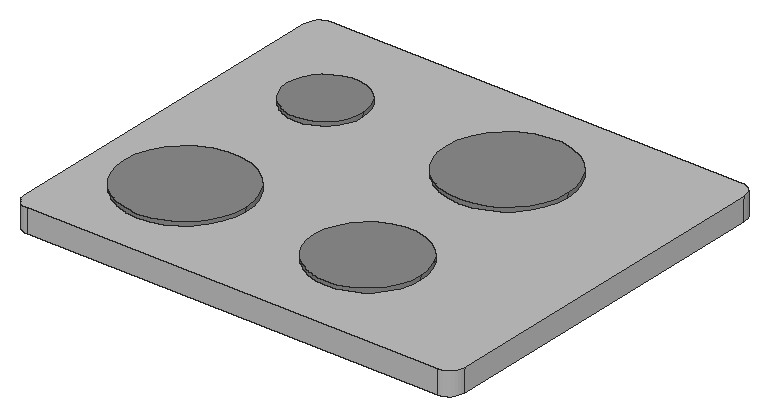
Revit family
Parameters
  Depth = 500 mm
  Hob Material = Metal - Stainless Steel
  Width = 580 mm
Reference planes
  plane 1 "Center (Front/Back)": y = 0
  plane 2: z = 0
  plane 3 "Center (Left/Right)": x = 0
  plane 4: y = 250
  plane 5: x = -265
  plane 6: y = -250
  plane 7: x = 315
  plane 8: x = -25
  plane 9: x = 215
  plane 10: x = 95
  plane 11: x = -145
  plane 12: y = 115
  plane 13: y = -115
  plane 14 "Top": z = 30
  plane 15: y = 230
  plane 16: y = -230
  plane 17: x = -245
  plane 18: x = -35
  plane 19: x = -15
  plane 20 "Top": z = 35
  plane 21: x = 255
  plane 22: y = 26.667
  plane 23: y = -26.667
  plane 24: y = 80
  plane 25: y = -80
Forms (mm)
  Extrusion 1, solid, material "Metal - Stainless Steel" <- "Hob Material"
    sketch origin (0, 0, 0) x (1, 0, 0) y (0, 1, 0)
      loop
        line (-245, -250) -> (295, -250)
        arc (295, -250) -> (309.142, -244.142) -> (315, -230) r 20
        line (315, -230) -> (315, 230)
        arc (315, 230) -> (309.142, 244.142) -> (295, 250) r 20
        line (295, 250) -> (-245, 250)
        arc (-245, 250) -> (-259.142, 244.142) -> (-265, 230) r 20
        line (-265, 230) -> (-265, -230)
        arc (-265, -230) -> (-259.142, -244.142) -> (-245, -250) r 20
    from 0 to 30
  Extrusion 2, solid, material "Metal - Paint Finish - Dark Gray, Matte"
    sketch origin (0, 0, 0) x (1, 0, 0) y (0, 1, 0)
      loop
        circle (-145, 115) r 50
      loop
        circle (-145, -115) r 80
      loop
        circle (95, 115) r 80
      loop
        circle (95, -115) r 70
    from 30 to 35
Lines and regions (mm)
  model lines
    curve 1: line (-245, 0, 30) -> (-35, 0, 30)
    curve 2: line (-245, 230, 30) -> (-245, 0, 30)
    curve 3: line (-35, 230, 30) -> (-245, 230, 30)
    curve 4: line (-35, 0, 30) -> (-35, 230, 30)
    curve 5: line (-245, 0, 30) -> (-245, -230, 30)
    curve 6: line (-35, 0, 30) -> (-35, -230, 30)
    curve 7: line (-35, -230, 30) -> (-245, -230, 30)
    curve 8: line (-144.928, 230, 30) -> (-144.928, -230, 30)
    curve 9: line (-245, 115, 30) -> (-35, 115, 30)
    curve 10: line (-245, -115, 30) -> (-35, -115, 30)
    curve 11: line (-15, 230, 30) -> (215, 230, 30)
    curve 12: line (-15, 0, 30) -> (-15, 230, 30)
    curve 13: line (215, 0, 30) -> (-15, 0, 30)
    curve 14: line (215, 230, 30) -> (215, 0, 30)
    curve 15: line (215, 0, 30) -> (215, -230, 30)
    curve 16: line (215, -230, 30) -> (-15, -230, 30)
    curve 17: line (-15, 0, 30) -> (-15, -230, 30)
    curve 18: line (-15, 115, 30) -> (215, 115, 30)
    curve 19: line (-15, -115, 30) -> (215, -115, 30)
    curve 20: line (95, -230, 30) -> (95, 230, 30)
    curve 21: arc (265, 26.667, 30) -> (255, 16.667, 30) -> (245, 26.667, 30) r 10
    curve 22: arc (245, 26.667, 30) -> (255, 36.667, 30) -> (265, 26.667, 30) r 10
    curve 23: arc (240, 26.667, 30) -> (253.369, 41.578, 30) -> (269.645, 29.909, 30) r 15
    curve 24: line (264.46, 23.425, 30) -> (289.86, 23.425, 30)
    curve 25: line (289.86, 23.425, 30) -> (289.86, 29.909, 30)
    curve 26: line (264.46, 29.909, 30) -> (289.86, 29.909, 30)
    curve 27: arc (269.645, 23.425, 30) -> (253.369, 11.756, 30) -> (240, 26.667, 30) r 15
    curve 28: arc (265, -26.667, 30) -> (255, -36.667, 30) -> (245, -26.667, 30) r 10
    curve 29: arc (245, -26.667, 30) -> (255, -16.667, 30) -> (265, -26.667, 30) r 10
    curve 30: arc (240, -26.667, 30) -> (253.369, -11.756, 30) -> (269.645, -23.425, 30) r 15
    curve 31: line (264.46, -29.909, 30) -> (289.86, -29.909, 30)
    curve 32: line (289.86, -29.909, 30) -> (289.86, -23.425, 30)
    curve 33: line (264.46, -23.425, 30) -> (289.86, -23.425, 30)
    curve 34: arc (269.645, -29.909, 30) -> (253.369, -41.578, 30) -> (240, -26.667, 30) r 15
    curve 35: arc (265, 80, 30) -> (255, 70, 30) -> (245, 80, 30) r 10
    curve 36: arc (245, 80, 30) -> (255, 90, 30) -> (265, 80, 30) r 10
    curve 37: arc (240, 80, 30) -> (253.369, 94.911, 30) -> (269.645, 83.242, 30) r 15
    curve 38: line (264.46, 76.758, 30) -> (289.86, 76.758, 30)
    curve 39: line (289.86, 76.758, 30) -> (289.86, 83.242, 30)
    curve 40: line (264.46, 83.242, 30) -> (289.86, 83.242, 30)
    curve 41: arc (269.645, 76.758, 30) -> (253.369, 65.089, 30) -> (240, 80, 30) r 15
    curve 42: arc (265, -80, 30) -> (255, -90, 30) -> (245, -80, 30) r 10
    curve 43: arc (245, -80, 30) -> (255, -70, 30) -> (265, -80, 30) r 10
    curve 44: arc (240, -80, 30) -> (253.369, -65.089, 30) -> (269.645, -76.758, 30) r 15
    curve 45: line (264.46, -83.242, 30) -> (289.86, -83.242, 30)
    curve 46: line (289.86, -83.242, 30) -> (289.86, -76.758, 30)
    curve 47: line (264.46, -76.758, 30) -> (289.86, -76.758, 30)
    curve 48: arc (269.645, -83.242, 30) -> (253.369, -94.911, 30) -> (240, -80, 30) r 15
  symbolic lines
    curve 49: arc (175, 115, 0) -> (95, 195, 0) -> (15, 115, 0) r 80
    curve 50: arc (15, 115, 0) -> (95, 35, 0) -> (175, 115, 0) r 80
    curve 51: arc (165, -115, 0) -> (95, -45, 0) -> (25, -115, 0) r 70
    curve 52: arc (25, -115, 0) -> (95, -185, 0) -> (165, -115, 0) r 70
    curve 53: arc (-65, -115, 0) -> (-145, -35, 0) -> (-225, -115, 0) r 80
    curve 54: arc (-225, -115, 0) -> (-145, -195, 0) -> (-65, -115, 0) r 80
    curve 55: arc (-95, 115, 0) -> (-145, 165, 0) -> (-195, 115, 0) r 50
    curve 56: arc (-195, 115, 0) -> (-145, 65, 0) -> (-95, 115, 0) r 50
    curve 57: line (295, -250, 0) -> (-245, -250, 0)
    curve 58: line (315, 230, 0) -> (315, -230, 0)
    curve 59: line (-245, 250, 0) -> (295, 250, 0)
    curve 60: line (-265, -230, 0) -> (-265, 230, 0)
    curve 61: arc (-245, 250, 0) -> (-259.142, 244.142, 0) -> (-265, 230, 0) r 20
    curve 62: arc (-265, -230, 0) -> (-259.142, -244.142, 0) -> (-245, -250, 0) r 20
    curve 63: arc (295, -250, 0) -> (309.142, -244.142, 0) -> (315, -230, 0) r 20
    curve 64: arc (295, 250, 0) -> (309.142, 244.142, 0) -> (315, 230, 0) r 20
Dimensions and locks
  "Width": plane 5 to plane 7
  "Depth": plane 6 to plane 4
  plane 9 to plane 7 = 100 mm
  equal spacing: plane 5, plane 11, plane 8, plane 10, plane 9
  equal spacing: plane 15, plane 12, plane 1 "Center (Front/Back)", plane 13, plane 16
  plane 4 to plane 15 = 20 mm
  plane 16 to plane 6 = 20 mm
  plane 5 to plane 17 = 20 mm
  plane 8 to plane 19 = 10 mm
  plane 18 to plane 8 = 10 mm
  equal spacing: plane 25, plane 23, plane 22, plane 24
  plane 21 to plane 7 = 60 mm
  aligned and locked: plane 6 to Extrusion 1 sketch curve
  aligned and locked: Extrusion 1 sketch curve to plane 7
  aligned and locked: plane 5 to Extrusion 1 sketch curve
  aligned and locked: Extrusion 1 sketch curve to plane 4
  aligned and locked: plane 14 "Top" to Extrusion 1
  aligned and locked: Extrusion 2 to Extrusion 1
  aligned and locked: plane 15 to curve 3
Automatic sketch dimensions
  Extrusion 1 sketch curve to plane 5 = 20 mm  (x2)
  plane 7 to Extrusion 1 sketch curve = 20 mm  (x2)
  Extrusion 2 sketch curve to plane 13 = 0 mm  (x2)
  Extrusion 2 sketch curve to plane 12 = 0 mm  (x2)
  Extrusion 2 sketch curve to plane 11 = 0 mm  (x2)
  Extrusion 2 sketch curve to plane 10 = 0 mm  (x2)
  Extrusion 2 sketch curve to Extrusion 2 sketch curve = 50 mm
  Extrusion 2 sketch curve to plane 5 = 40 mm
  plane 3 "Center (Left/Right)" to Extrusion 2 sketch curve = 15 mm
  plane 3 "Center (Left/Right)" to Extrusion 2 sketch curve = 25 mm
  curve 60 to plane 5 = 0 mm
  curve 3 to plane 17 = 0 mm
  curve 62 to plane 16 = 0 mm
  curve 62 to plane 17 = 0 mm
  curve 61 to plane 15 = 0 mm
  curve 61 to plane 17 = 0 mm
  curve 53 to plane 13 = 0 mm
  curve 56 to plane 12 = 0 mm
  curve 53 to plane 11 = 0 mm
  curve 55 to plane 11 = 0 mm
  curve 8 to plane 16 = 0 mm
  curve 9 to plane 12 = 0 mm
  curve 9 to plane 18 = 0 mm
  curve 19 to plane 13 = 0 mm
  curve 19 to plane 19 = 0 mm
  curve 49 to plane 12 = 0 mm
  curve 51 to plane 13 = 0 mm
  curve 20 to plane 10 = 0 mm
  curve 52 to plane 10 = 0 mm
  curve 49 to plane 10 = 0 mm
  curve 19 to plane 9 = 0 mm
  curve 23 to plane 22 = 0 mm
  curve 34 to plane 23 = 0 mm
  curve 44 to plane 25 = 0 mm
  curve 41 to plane 24 = 0 mm
  curve 22 to plane 22 = 0 mm
  curve 28 to plane 23 = 0 mm
  curve 36 to plane 24 = 0 mm
  curve 43 to plane 25 = 0 mm
  curve 41 to plane 21 = 0 mm
  curve 22 to plane 21 = 0 mm
  curve 48 to plane 21 = 0 mm
  curve 23 to plane 21 = 0 mm
  curve 42 to plane 21 = 0 mm
  curve 29 to plane 21 = 0 mm
  curve 30 to plane 21 = 0 mm
  curve 36 to plane 21 = 0 mm
  curve 44 to plane 21 = 0 mm
  curve 37 to plane 21 = 0 mm
  curve 27 to plane 21 = 0 mm
  curve 34 to plane 21 = 0 mm
  curve 63 to plane 16 = 0 mm
  curve 58 to plane 7 = 0 mm
  curve 17 to plane 16 = 0 mm
  curve 10 to plane 13 = 0 mm
  curve 13 to plane 1 "Center (Front/Back)" = 0 mm
  curve 5 to plane 1 "Center (Front/Back)" = 0 mm
  curve 18 to plane 12 = 0 mm
  curve 11 to plane 15 = 0 mm
  curve 10 to curve 53 = 20 mm
  curve 56 to curve 55 = 50 mm
  curve 8 to plane 11 = 0.072 mm
  plane 3 "Center (Left/Right)" to curve 49 = 15 mm
  plane 3 "Center (Left/Right)" to curve 51 = 25 mm
  curve 23 to curve 21 = 15 mm
  curve 34 to curve 30 = 15 mm
  curve 44 to curve 43 = 15 mm
  curve 41 to curve 35 = 15 mm
  curve 23 to curve 22 = 5 mm
  curve 30 to curve 28 = 5 mm
  curve 41 to curve 36 = 5 mm
  curve 44 to curve 43 = 5 mm
  curve 47 to curve 43 = 0.54 mm
  curve 40 to curve 35 = 0.54 mm
  curve 45 to curve 42 = 0.54 mm
  curve 24 to curve 21 = 0.54 mm
  curve 38 to curve 35 = 0.54 mm
  curve 31 to curve 29 = 0.54 mm
  curve 26 to curve 22 = 0.54 mm
  curve 33 to curve 28 = 0.54 mm
  curve 64 to plane 21 = 40 mm
  curve 23 to curve 26 = 20.214 mm
  curve 37 to curve 39 = 20.214 mm
  curve 30 to curve 33 = 20.214 mm
  curve 44 to curve 47 = 20.214 mm
